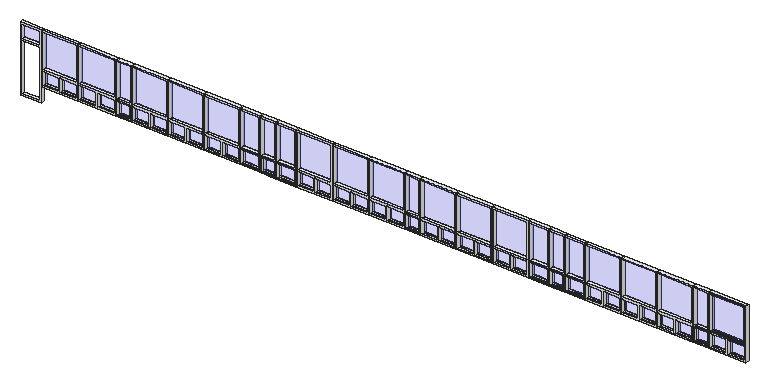
Revit family
Parameters
  창 두께 = 150 mm
  창 패널 = AW26 창 패널
  창 프레임 = AW26 창 프레임
  길이 4 = 길이 1 * 3  # 4500 mm
  길이 3 = 650 mm
  길이 2 = Height + 기본 씰 높이  # 2700 mm
  길이 1 = (Width - 10650 mm) / 13  # 1500 mm
  Height = 2100 mm
  절반 창 두께 = 창 두께 / 2  # 75 mm
  기본 씰 높이 = 600 mm
  Wall Closure = (empty or 0)
  Width = 30150 mm
Reference planes
  plane 1: y = 0
  plane 2 "왼쪽": x = -15075
  plane 3 "오른쪽": x = 15075
  plane 4 "씰": z = 600
  plane 5 "헤드": z = 2700
  plane 6 "외부": y = 100
  plane 7 "내부": y = -100
  plane 8: y = -75
  plane 9: y = 75
  plane 10: y = 66
  plane 11: y = 44
  plane 12: y = 35
  plane 13: x = 1550
  plane 14: z = 1200
  plane 15: z = 645
  plane 16: z = 1245
  plane 17: z = 1190
  plane 18: z = 655
  plane 19: z = 2655
  plane 20: z = 2100
  plane 21: z = 2055
Text (mm)
  text "외부" at (-1963.203, 1332.353, 0), in view "참조 레벨"
  text "내부" at (-1981.466, -818.386, 0), in view "참조 레벨"
  text "외부" at (0, 923.751, 2943.296), in view "오른쪽"
  text "외부" at (0, 1040.484, 2685.409), in view "왼쪽"
Dimensions and locks
  "Height": plane 4 "씰" to plane 5 "헤드"
  "기본 씰 높이": plane 4 "씰" to level
  locked: plane 6 "외부" to host wall at 0
  locked: plane 7 "내부" to host wall
  plane 9 to plane 10 to plane 11 to plane 12 = 9 mm locked, 22 mm locked, 9 mm locked
  locked: plane 4 "씰" to plane 14 at 600
  plane 4 "씰" to plane 15 to plane 18 = 45 mm locked, 10 mm locked
  plane 17 to plane 14 to plane 16 = 10 mm locked, 45 mm locked
  locked: plane 19 to plane 5 "헤드" at 45
  plane 21 to plane 20 to plane 5 "헤드" = 45 mm locked, 600 mm locked
  "절반 창 두께": plane 9 to host wall
  "절반 창 두께": host wall to plane 8
  "길이 4": nested 4 to nested 7
  locked: nested 6 to nested 15 at 2350
  "길이 4": nested 12 to nested 3
  locked: nested 20 to nested 12 at 2350
  locked: nested 23 to nested 22 at 2250
  plane 2 "왼쪽" to plane 13 to plane 3 "오른쪽" = 16625 mm, 13525 mm
  aligned and locked: plane 4 "씰" to nested 1  (x2)
  aligned and locked: plane 4 "씰" to nested 2  (x2)
  aligned and locked: nested 1 to nested 3
  aligned and locked: plane 4 "씰" to nested 3  (x2)
  aligned and locked: nested 1 to nested 4
  aligned and locked: nested 4 to nested 5
  aligned and locked: nested 5 to nested 6
  aligned and locked: nested 7 to nested 8
  aligned and locked: nested 8 to nested 9
  aligned and locked: nested 3 to nested 10
  aligned and locked: nested 10 to nested 11
  aligned and locked: nested 12 to nested 13
  aligned and locked: nested 13 to nested 14
  aligned and locked: nested 15 to nested 16
  aligned and locked: nested 16 to nested 17
  aligned and locked: nested 17 to nested 18
  aligned and locked: plane 4 "씰" to nested 19  (x2)
  aligned and locked: nested 19 to nested 18
  aligned and locked: nested 20 to nested 21
  aligned and locked: nested 21 to nested 22
  aligned and locked: nested 2 to nested 22
  aligned and locked: nested 24 to nested 23
  aligned and locked: plane 4 "씰" to nested 18
  aligned and locked: plane 4 "씰" to nested 17
  aligned and locked: plane 4 "씰" to nested 16
  aligned and locked: plane 4 "씰" to nested 15  (x2)
  aligned and locked: plane 4 "씰" to nested 9
  aligned and locked: plane 4 "씰" to nested 8
  aligned and locked: plane 4 "씰" to nested 7
  aligned and locked: plane 4 "씰" to nested 6
  aligned and locked: plane 4 "씰" to nested 5
  aligned and locked: plane 4 "씰" to nested 4
  aligned and locked: plane 4 "씰" to nested 10
  aligned and locked: plane 4 "씰" to nested 11
  aligned and locked: plane 4 "씰" to nested 12
  aligned and locked: plane 4 "씰" to nested 13
  aligned and locked: plane 4 "씰" to nested 14
  aligned and locked: plane 4 "씰" to nested 20
  aligned and locked: plane 4 "씰" to nested 21
  aligned and locked: plane 4 "씰" to nested 22
  aligned and locked: plane 4 "씰" to nested 23
  aligned and locked: nested 25 to nested 2
  aligned and locked: plane 4 "씰" to nested 25
  aligned and locked: nested 5 to nested 5
  aligned and locked: nested 6 to nested 6
Nested families
  nested 1: "창 고정 단위" at (1225, 0, 0), type "AW9_1_1"
  nested 2: "창 고정 단위" at (-10775, 0, 0), type "AW9_1"
  nested 3: "AW9 2" at (150, 0, 0), type "AW9"
  nested 4: "AW9 2" at (2300, 0, 0), type "AW9"
  nested 5: "AW9 2" at (3800, 0, 0), type "AW9"
  nested 6: "AW9 2" at (5300, 0, 0), type "AW9"
  nested 7: "창 고정 단위" at (6475, 0, 0), type "AW9_2"
  nested 8: "창 고정 단위" at (7225, 0, 0), type "AW9_1"
  nested 9: "창 고정 단위" at (7975, 0, 0), type "AW9_2"
  nested 10: "AW9 2" at (-1350, 0, 0), type "AW9"
  nested 11: "AW9 2" at (-2850, 0, 0), type "AW9"
  nested 12: "창 고정 단위" at (-4025, 0, 0), type "AW9_2"
  nested 13: "창 고정 단위" at (-4775, 0, 0), type "AW9_1"
  nested 14: "창 고정 단위" at (-5525, 0, 0), type "AW9_2"
  nested 15: "AW9 2" at (9150, 0, 0), type "AW9"
  nested 16: "AW9 2" at (10650, 0, 0), type "AW9"
  nested 17: "AW9 2" at (12150, 0, 0), type "AW9"
  nested 18: "창 고정 단위" at (13225, 0, 0), type "AW9_1"
  nested 19: "창 개구부 단위" at (14312.5, 0, 0), type "AW9"
  nested 20: "AW9 2" at (-6700, 0, 0), type "AW9"
  nested 21: "AW9 2" at (-8200, 0, 0), type "AW9"
  nested 22: "AW9 2" at (-9700, 0, 0), type "AW9"
  nested 23: "AW9 2" at (-13450, 0, 0), type "AW9"
  nested 24: "문 프레임" at (-14637.5, 0, 0), type "AW9-1"
  nested 25: "창 고정 단위 크게" at (-11900, 0, 0), type "AW9 2"
Definition of nested family "창 고정 단위"
  Parameters (values of type "AW9_1_1")
    창 두께 = 150 mm
    창 패널 = AW26 창 패널
    창 프레임 = AW26 창 프레임
    Height = 2100 mm
    절반 창 두께 = 창 두께 / 2  # 75 mm
    기본 씰 높이 = 600 mm
    Wall Closure = (empty or 0)
    Width = 650 mm
    Assembly Code = ""
  Types (4, lengths in mm): name | Width
    AW9_1_1 | 650
    AW9_3 | 800
    AW9_2 | 850
    AW9_1 | 650
  Reference planes
    plane 1: y = 0
    plane 2 "중심(왼쪽/오른쪽)": x = 0
    plane 3 "왼쪽": x = -325
    plane 4 "오른쪽": x = 325
    plane 5 "씰": z = 600
    plane 6 "헤드": z = 2700
    plane 7 "외부": y = 100
    plane 8 "내부": y = -100
    plane 9: y = 75
    plane 10: y = -75
    plane 11: y = 35
    plane 12: x = -280
    plane 13: x = 280
    plane 14: x = -270
    plane 15: x = 270
    plane 16: z = 1200
    plane 17: z = 1190
    plane 18: z = 1245
    plane 19: y = 55
    plane 20: y = 66
    plane 21: y = 44
    plane 22: y = -11
    plane 23: y = 11
    plane 24: x = -22.5
    plane 25: x = 22.5
    plane 26: x = -32.5
    plane 27: x = 32.5
    plane 28: z = 2655
    plane 29: z = 645
    plane 30: x = 230
    plane 31: z = 1150
    plane 32: x = -230
    plane 33: z = 685
    plane 34: x = 72.5
    plane 35: x = -72.5
    plane 36: x = 156.25
    plane 37: x = -156.25
    plane 38: z = 655
  Forms (mm)
    Extrusion 1, solid, material "AW26 창 프레임" <- "창 프레임"
      sketch origin (-2000, 75, 1000) x (-1, 0, 0) y (0, 0, 1)
        loop
          line (-2325, 1700) -> (-2325, -400) -> (-1675, -400) -> (-1675, 1700) -> (-2325, 1700)
        loop
          line (-2280, 1655) -> (-2280, 245) -> (-1720, 245) -> (-1720, 1655) -> (-2280, 1655)
        loop
          line (-2280, -355) -> (-1720, -355) -> (-1720, 200) -> (-2280, 200) -> (-2280, -355)
      from -150 to 0
    Extrusion 2, solid, material "AW26 창 패널" <- "창 패널"
      sketch origin (-2000, 75, 1000) x (-1, 0, 0) y (0, 0, 1)
        loop
          line (-2280, 1655) -> (-2280, 245) -> (-1720, 245) -> (-1720, 1655) -> (-2280, 1655)
        loop
          line (-2280, 200) -> (-2280, -355) -> (-1720, -355) -> (-1720, 200) -> (-2280, 200)
      from -31 to -9
    Extrusion 3, solid, material "AW26 창 프레임" <- "창 프레임"
      sketch origin (-2000, 75, 1000) x (-1, 0, 0) y (0, 0, 1)
        loop
          line (-2230, 150) -> (-2230, -315) -> (-1770, -315) -> (-1770, 150) -> (-2230, 150)
        loop
          line (-2280, 200) -> (-2280, -355) -> (-1720, -355) -> (-1720, 200) -> (-2280, 200)
      from -64 to 0
    Extrusion 4, solid, material "AW26 창 프레임" <- "창 프레임"
      sketch origin (-2000, 75, 1000) x (-1, 0, 0) y (0, 0, 1)
        loop
          line (-2280, 200) -> (-2280, -355) -> (-1720, -355) -> (-1720, 200) -> (-2280, 200)
        loop
          line (-2270, 190) -> (-2270, -345) -> (-1730, -345) -> (-1730, 190) -> (-2270, 190)
      from -64 to -150
  Lines and regions (mm)
    Opening 1
      outline origin (3500, -100, 0) x (1, 0, 0) y (0, 0, 1)
        loop
          line (-3175, 600) -> (-3175, 2700) -> (-3825, 2700) -> (-3825, 600) -> (-3175, 600)
    symbolic lines
      curve 1: line (-280, 75, 0) -> (-280, -75, 0)
      curve 2: line (280, 75, 0) -> (280, -75, 0)
      curve 3: line (-325, 75, 0) -> (325, 75, 0)
      curve 4: line (-280, 0, 0) -> (280, 0, 0)
      curve 5: line (-325, -75, 0) -> (325, -75, 0)
  Text (mm)
    text "외부" at (-1963.203, 1332.353, 0), in view "참조 레벨"
    text "내부" at (-1981.466, -818.386, 0), in view "참조 레벨"
    text "외부" at (0, 923.751, 2943.296), in view "오른쪽"
    text "외부" at (0, 1040.484, 2685.409), in view "왼쪽"
  Dimensions and locks
    equal spacing: plane 3 "왼쪽", plane 2 "중심(왼쪽/오른쪽)", plane 4 "오른쪽"
    "Width": plane 3 "왼쪽" to plane 4 "오른쪽"
    "Height": plane 5 "씰" to plane 6 "헤드"
    locked: plane 7 "외부" to host wall at 0
    locked: plane 8 "내부" to host wall
    plane 17 to plane 16 to plane 18 = 10 mm locked, 45 mm locked
    plane 9 to plane 19 to plane 11 = 20 mm locked, 20 mm locked
    plane 20 to plane 19 to plane 21 = 11 mm locked, 11 mm locked
    plane 23 to host wall to plane 22 = 11 mm locked, 11 mm locked
    plane 3 "왼쪽" to plane 12 to plane 14 = 45 mm locked, 10 mm locked
    plane 15 to plane 13 to plane 4 "오른쪽" = 10 mm locked, 45 mm locked
    plane 24 to plane 2 "중심(왼쪽/오른쪽)" to plane 25 = 22.5 mm locked, 22.5 mm locked
    locked: plane 26 to plane 24 at 10
    locked: plane 25 to plane 27 at 10
    locked: plane 5 "씰" to plane 16 at 600
    "절반 창 두께": plane 9 to plane 1
    "절반 창 두께": plane 10 to plane 1
    "기본 씰 높이": level to plane 5 "씰"
    locked: plane 28 to plane 6 "헤드" at 45
    locked: plane 5 "씰" to plane 29 at 45
    locked: plane 30 to plane 15 at 40
    locked: plane 31 to plane 17 at 40
    locked: plane 14 to plane 32 at 40
    locked: plane 29 to plane 33 at 40
    locked: plane 34 to plane 27 at 40
    locked: plane 26 to plane 35 at 40
    equal spacing: plane 27, plane 36, plane 13
    equal spacing: plane 26, plane 37, plane 12
    locked: plane 29 to plane 38 at 10
    aligned and locked: plane 6 "헤드" to Extrusion 1 sketch curve
    aligned and locked: plane 4 "오른쪽" to Extrusion 1 sketch curve
    aligned and locked: Extrusion 1 sketch curve to plane 5 "씰"
    aligned and locked: Extrusion 1 sketch curve to plane 3 "왼쪽"
    aligned and locked: Extrusion 1 sketch curve to plane 28
    aligned and locked: Extrusion 1 sketch curve to plane 12
    aligned and locked: plane 13 to Extrusion 1 sketch curve  (x3)
    aligned and locked: plane 18 to Extrusion 1 sketch curve
    aligned and locked: Extrusion 1 to plane 10
    aligned and locked: plane 9 to Extrusion 1
    aligned and locked: plane 12 to Extrusion 1 sketch curve  (x2)
    aligned and locked: Extrusion 1 sketch curve to plane 29
    aligned and locked: plane 13 to Extrusion 2 sketch curve  (x2)
    aligned and locked: Extrusion 2 sketch curve to plane 28
    aligned and locked: Extrusion 2 sketch curve to plane 12  (x2)
    aligned and locked: Extrusion 2 sketch curve to plane 18
    aligned and locked: plane 29 to Extrusion 2 sketch curve
    aligned and locked: Extrusion 2 to plane 21
    aligned and locked: plane 20 to Extrusion 2
    aligned and locked: plane 33 to Extrusion 3 sketch curve
    aligned and locked: Extrusion 3 sketch curve to plane 32
    aligned and locked: Extrusion 3 sketch curve to plane 31
    aligned and locked: Extrusion 3 sketch curve to plane 30
    aligned and locked: plane 16 to Extrusion 3 sketch curve
    aligned and locked: plane 13 to Extrusion 3 sketch curve
    aligned and locked: plane 29 to Extrusion 3 sketch curve
    aligned and locked: Extrusion 3 sketch curve to plane 12
    aligned and locked: plane 16 to Extrusion 1 sketch curve
    aligned and locked: plane 16 to Extrusion 2 sketch curve
    aligned and locked: Extrusion 3 to plane 23
    aligned and locked: plane 9 to Extrusion 3
    aligned and locked: plane 16 to Extrusion 4 sketch curve
    aligned and locked: plane 13 to Extrusion 4 sketch curve
    aligned and locked: plane 29 to Extrusion 4 sketch curve
    aligned and locked: Extrusion 4 sketch curve to plane 12
    aligned and locked: Extrusion 4 sketch curve to plane 14
    aligned and locked: plane 17 to Extrusion 4 sketch curve
    aligned and locked: plane 15 to Extrusion 4 sketch curve
    aligned and locked: plane 38 to Extrusion 4 sketch curve
    aligned and locked: Extrusion 4 to plane 23
    aligned and locked: Extrusion 4 to plane 10
    aligned and locked: plane 9 to curve 1
    aligned and locked: plane 10 to curve 1
    aligned and locked: plane 12 to curve 1
    aligned and locked: plane 13 to curve 2
    aligned and locked: plane 4 "오른쪽" to curve 3
    aligned and locked: plane 3 "왼쪽" to curve 3
    aligned and locked: plane 3 "왼쪽" to curve 5
    aligned and locked: plane 4 "오른쪽" to curve 5
    aligned and locked: plane 13 to curve 4
    aligned and locked: plane 12 to curve 4
    aligned and locked: host wall to curve 4
    aligned and locked: curve 3 to plane 9
    aligned and locked: curve 5 to plane 10
  Automatic sketch dimensions
    Opening 1 sketch curve to plane 3 "왼쪽" = 0 mm
    Opening 1 sketch curve to plane 4 "오른쪽" = 0 mm
    Opening 1 sketch curve to plane 5 "씰" = 0 mm
    Opening 1 sketch curve to plane 6 "헤드" = 0 mm
Definition of nested family "AW9 2"
  Parameters (values of type "AW9")
    창 두께 = 150 mm
    창 패널 = AW26 창 패널
    창 프레임 = AW26 창 프레임
    Height = 2100 mm
    절반 창 두께 = 창 두께 / 2  # 75 mm
    기본 씰 높이 = 600 mm
    Wall Closure = (empty or 0)
    Width = 1500 mm
    Assembly Code = ""
  Types (3, lengths in mm): name | Width
    AW9 | 1500
    AW9 2 | 1600
    AW9 1 | 4500
  Reference planes
    plane 1: y = 0
    plane 2 "중심(왼쪽/오른쪽)": x = 0
    plane 3 "왼쪽": x = -750
    plane 4 "오른쪽": x = 750
    plane 5 "씰": z = 600
    plane 6 "헤드": z = 2700
    plane 7 "외부": y = 100
    plane 8 "내부": y = -100
    plane 9: y = 75
    plane 10: y = -75
    plane 11: y = 35
    plane 12: x = -705
    plane 13: x = 705
    plane 14: x = -695
    plane 15: x = 695
    plane 16: z = 1200
    plane 17: z = 1190
    plane 18: z = 1245
    plane 19: y = 55
    plane 20: y = 66
    plane 21: y = 44
    plane 22: y = -11
    plane 23: y = 11
    plane 24: x = -22.5
    plane 25: x = 22.5
    plane 26: x = -32.5
    plane 27: x = 32.5
    plane 28: z = 2655
    plane 29: z = 645
    plane 30: x = 655
    plane 31: z = 1150
    plane 32: x = -655
    plane 33: z = 685
    plane 34: x = 72.5
    plane 35: x = -72.5
    plane 36: x = 368.75
    plane 37: x = -368.75
  Forms (mm)
    Extrusion 1, solid, material "AW26 창 프레임" <- "창 프레임"
      sketch origin (-2000, 75, 1000) x (-1, 0, 0) y (0, 0, 1)
        loop
          line (-2750, 1700) -> (-2750, -400) -> (-1250, -400) -> (-1250, 1700) -> (-2750, 1700)
        loop
          line (-2705, 1655) -> (-2705, 245) -> (-1295, 245) -> (-1295, 1655) -> (-2705, 1655)
        loop
          line (-2705, -355) -> (-2032.5, -355) -> (-2032.5, 190) -> (-2705, 190) -> (-2705, -355)
        loop
          line (-1295, -355) -> (-1295, 190) -> (-1967.5, 190) -> (-1967.5, -355) -> (-1295, -355)
      from -150 to 0
    Extrusion 2, solid, material "AW26 창 프레임" <- "창 프레임"
      sketch origin (-2000, 75, 1000) x (-1, 0, 0) y (0, 0, 1)
        loop
          line (-2705, 190) -> (-2705, -355) -> (-2032.5, -355) -> (-2032.5, 190) -> (-2705, 190)
        loop
          line (-1967.5, 190) -> (-1967.5, -355) -> (-1295, -355) -> (-1295, 190) -> (-1967.5, 190)
        loop
          line (-2655, 150) -> (-2655, -315) -> (-2072.5, -315) -> (-2072.5, 150) -> (-2655, 150)
        loop
          line (-1927.5, 150) -> (-1927.5, -315) -> (-1345, -315) -> (-1345, 150) -> (-1927.5, 150)
      from -40 to 0
    Extrusion 3, solid, material "AW26 창 패널" <- "창 패널"
      sketch origin (-2000, 75, 1000) x (-1, 0, 0) y (0, 0, 1)
        loop
          line (-2705, 1655) -> (-2705, 245) -> (-1295, 245) -> (-1295, 1655) -> (-2705, 1655)
        loop
          line (-2655, 150) -> (-2655, -315) -> (-2072.5, -315) -> (-2072.5, 150) -> (-2655, 150)
        loop
          line (-1927.5, 150) -> (-1927.5, -315) -> (-1345, -315) -> (-1345, 150) -> (-1927.5, 150)
      from -31 to -9
  Lines and regions (mm)
    Opening 1
      outline origin (3500, -100, 0) x (1, 0, 0) y (0, 0, 1)
        loop
          line (-2750, 600) -> (-2750, 2700) -> (-4250, 2700) -> (-4250, 600) -> (-2750, 600)
    symbolic lines
      curve 1: line (-705, 75, 0) -> (-705, -75, 0)
      curve 2: line (705, 75, 0) -> (705, -75, 0)
      curve 3: line (-750, 75, 0) -> (750, 75, 0)
      curve 4: line (-705, 0, 0) -> (705, 0, 0)
      curve 5: line (-750, -75, 0) -> (750, -75, 0)
  Text (mm)
    text "외부" at (-1963.203, 1332.353, 0), in view "참조 레벨"
    text "내부" at (-1981.466, -818.386, 0), in view "참조 레벨"
    text "외부" at (0, 923.751, 2943.296), in view "오른쪽"
    text "외부" at (0, 1040.484, 2685.409), in view "왼쪽"
  Dimensions and locks
    equal spacing: plane 3 "왼쪽", plane 2 "중심(왼쪽/오른쪽)", plane 4 "오른쪽"
    "Width": plane 3 "왼쪽" to plane 4 "오른쪽"
    "Height": plane 5 "씰" to plane 6 "헤드"
    locked: plane 7 "외부" to host wall at 0
    locked: plane 8 "내부" to host wall
    plane 17 to plane 16 to plane 18 = 10 mm locked, 45 mm locked
    plane 9 to plane 19 to plane 11 = 20 mm locked, 20 mm locked
    plane 20 to plane 19 to plane 21 = 11 mm locked, 11 mm locked
    plane 23 to host wall to plane 22 = 11 mm locked, 11 mm locked
    plane 3 "왼쪽" to plane 12 to plane 14 = 45 mm locked, 10 mm locked
    plane 15 to plane 13 to plane 4 "오른쪽" = 10 mm locked, 45 mm locked
    plane 24 to plane 2 "중심(왼쪽/오른쪽)" to plane 25 = 22.5 mm locked, 22.5 mm locked
    locked: plane 26 to plane 24 at 10
    locked: plane 25 to plane 27 at 10
    locked: plane 5 "씰" to plane 16 at 600
    "절반 창 두께": plane 9 to plane 1
    "절반 창 두께": plane 10 to plane 1
    "기본 씰 높이": level to plane 5 "씰"
    locked: plane 28 to plane 6 "헤드" at 45
    locked: plane 5 "씰" to plane 29 at 45
    locked: plane 30 to plane 15 at 40
    locked: plane 31 to plane 17 at 40
    locked: plane 14 to plane 32 at 40
    locked: plane 29 to plane 33 at 40
    locked: plane 34 to plane 27 at 40
    locked: plane 26 to plane 35 at 40
    equal spacing: plane 27, plane 36, plane 13
    equal spacing: plane 26, plane 37, plane 12
    aligned and locked: plane 6 "헤드" to Extrusion 1 sketch curve
    aligned and locked: plane 4 "오른쪽" to Extrusion 1 sketch curve
    aligned and locked: Extrusion 1 sketch curve to plane 5 "씰"
    aligned and locked: Extrusion 1 sketch curve to plane 3 "왼쪽"
    aligned and locked: Extrusion 1 sketch curve to plane 28
    aligned and locked: plane 13 to Extrusion 1 sketch curve  (x2)
    aligned and locked: plane 29 to Extrusion 1 sketch curve  (x2)
    aligned and locked: Extrusion 1 sketch curve to plane 12
    aligned and locked: plane 18 to Extrusion 1 sketch curve
    aligned and locked: plane 12 to Extrusion 1 sketch curve
    aligned and locked: plane 17 to Extrusion 1 sketch curve  (x2)
    aligned and locked: plane 27 to Extrusion 1 sketch curve
    aligned and locked: plane 26 to Extrusion 1 sketch curve
    aligned and locked: Extrusion 1 to plane 10
    aligned and locked: plane 9 to Extrusion 1
    aligned and locked: plane 17 to Extrusion 2 sketch curve  (x2)
    aligned and locked: plane 13 to Extrusion 2 sketch curve
    aligned and locked: plane 29 to Extrusion 2 sketch curve  (x2)
    aligned and locked: plane 27 to Extrusion 2 sketch curve
    aligned and locked: Extrusion 2 sketch curve to plane 31  (x2)
    aligned and locked: Extrusion 2 sketch curve to plane 30
    aligned and locked: plane 33 to Extrusion 2 sketch curve  (x2)
    aligned and locked: Extrusion 2 sketch curve to plane 34
    aligned and locked: Extrusion 2 sketch curve to plane 26
    aligned and locked: Extrusion 2 sketch curve to plane 12
    aligned and locked: Extrusion 2 sketch curve to plane 35
    aligned and locked: Extrusion 2 sketch curve to plane 32
    aligned and locked: Extrusion 2 to plane 9
    aligned and locked: Extrusion 2 to plane 11
    aligned and locked: Extrusion 3 sketch curve to plane 28
    aligned and locked: plane 13 to Extrusion 3 sketch curve
    aligned and locked: Extrusion 3 sketch curve to plane 18
    aligned and locked: Extrusion 3 sketch curve to plane 12
    aligned and locked: Extrusion 3 sketch curve to plane 31  (x2)
    aligned and locked: Extrusion 3 sketch curve to plane 30
    aligned and locked: plane 33 to Extrusion 3 sketch curve  (x2)
    aligned and locked: Extrusion 3 sketch curve to plane 34
    aligned and locked: Extrusion 3 sketch curve to plane 35
    aligned and locked: Extrusion 3 sketch curve to plane 32
    aligned and locked: Extrusion 3 to plane 21
    aligned and locked: plane 20 to Extrusion 3
    aligned and locked: plane 13 to curve 2
    aligned and locked: plane 9 to curve 1
    aligned and locked: plane 10 to curve 1
    aligned and locked: plane 12 to curve 1
    aligned and locked: plane 3 "왼쪽" to curve 3
    aligned and locked: plane 3 "왼쪽" to curve 5
    aligned and locked: plane 12 to curve 4
    aligned and locked: plane 4 "오른쪽" to curve 3
    aligned and locked: plane 4 "오른쪽" to curve 5
    aligned and locked: plane 13 to curve 4
    aligned and locked: curve 5 to plane 10
    aligned and locked: curve 3 to plane 9
    aligned and locked: host wall to curve 4
  Automatic sketch dimensions
    Opening 1 sketch curve to plane 3 "왼쪽" = 0 mm
    Opening 1 sketch curve to plane 4 "오른쪽" = 0 mm
    Opening 1 sketch curve to plane 5 "씰" = 0 mm
    Opening 1 sketch curve to plane 6 "헤드" = 0 mm
    Extrusion 1 sketch curve to plane 17 = 0 mm
    Extrusion 1 sketch curve to plane 29 = 0 mm
Definition of nested family "창 개구부 단위"
  Parameters (values of type "AW9")
    창 두께 = 150 mm
    창 패널 = AW26 창 패널
    창 프레임 = AW26 창 프레임
    Height = 2100 mm
    절반 창 두께 = 창 두께 / 2  # 75 mm
    기본 씰 높이 = 600 mm
    Wall Closure = (empty or 0)
    Width = 1525 mm
    Assembly Code = ""
  Reference planes
    plane 1: y = 0
    plane 2 "중심(왼쪽/오른쪽)": x = 0
    plane 3 "왼쪽": x = -762.5
    plane 4 "오른쪽": x = 762.5
    plane 5 "씰": z = 600
    plane 6 "헤드": z = 2700
    plane 7 "외부": y = 100
    plane 8 "내부": y = -100
    plane 9: y = 75
    plane 10: y = -75
    plane 11: y = 35
    plane 12: x = -717.5
    plane 13: x = 717.5
    plane 14: x = -707.5
    plane 15: x = 707.5
    plane 16: z = 1200
    plane 17: z = 1190
    plane 18: z = 1245
    plane 19: y = 55
    plane 20: y = 66
    plane 21: y = 44
    plane 22: y = -11
    plane 23: y = 11
    plane 24: x = -22.5
    plane 25: x = 22.5
    plane 26: x = -32.5
    plane 27: x = 32.5
    plane 28: z = 2655
    plane 29: z = 645
    plane 30: x = 667.5
    plane 31: z = 1150
    plane 32: x = -667.5
    plane 33: z = 685
    plane 34: x = 72.5
    plane 35: x = -72.5
    plane 36: x = 375
    plane 37: x = -375
    plane 38: z = 2615
    plane 39: z = 1285
    plane 40: x = -677.5
    plane 41: x = 677.5
    plane 42: z = 2645
    plane 43: z = 1255
    plane 44: z = 1950
  Forms (mm)
    Extrusion 1, solid, material "AW26 창 프레임" <- "창 프레임"
      sketch origin (-2000, 75, 1000) x (-1, 0, 0) y (0, 0, 1)
        loop
          line (-2762.5, 1700) -> (-2762.5, -400) -> (-1237.5, -400) -> (-1237.5, 1700) -> (-2762.5, 1700)
        loop
          line (-2717.5, 1655) -> (-2717.5, 245) -> (-1282.5, 245) -> (-1282.5, 1655) -> (-2717.5, 1655)
        loop
          line (-2717.5, -355) -> (-2032.5, -355) -> (-2032.5, 190) -> (-2717.5, 190) -> (-2717.5, -355)
        loop
          line (-1282.5, -355) -> (-1282.5, 190) -> (-1967.5, 190) -> (-1967.5, -355) -> (-1282.5, -355)
      from -150 to 0
    Extrusion 2, solid, material "AW26 창 프레임" <- "창 프레임"
      sketch origin (-2000, 75, 1000) x (-1, 0, 0) y (0, 0, 1)
        loop
          line (-2717.5, 190) -> (-2717.5, -355) -> (-2032.5, -355) -> (-2032.5, 190) -> (-2717.5, 190)
        loop
          line (-1967.5, 190) -> (-1967.5, -355) -> (-1282.5, -355) -> (-1282.5, 190) -> (-1967.5, 190)
        loop
          line (-2667.5, 150) -> (-2667.5, -315) -> (-2072.5, -315) -> (-2072.5, 150) -> (-2667.5, 150)
        loop
          line (-1927.5, 150) -> (-1927.5, -315) -> (-1332.5, -315) -> (-1332.5, 150) -> (-1927.5, 150)
      from -40 to 0
    Extrusion 3, solid, material "AW26 창 패널" <- "창 패널"
      sketch origin (-2000, 75, 1000) x (-1, 0, 0) y (0, 0, 1)
        loop
          line (-2717.5, 1655) -> (-2717.5, 245) -> (-1282.5, 245) -> (-1282.5, 1655) -> (-2717.5, 1655)
        loop
          line (-2667.5, 150) -> (-2667.5, -315) -> (-2072.5, -315) -> (-2072.5, 150) -> (-2667.5, 150)
        loop
          line (-1927.5, 150) -> (-1927.5, -315) -> (-1332.5, -315) -> (-1332.5, 150) -> (-1927.5, 150)
      from -31 to -9
    Extrusion 4, solid, material "AW26 창 프레임" <- "창 프레임"
      sketch origin (-2000, 75, 1000) x (-1, 0, 0) y (0, 0, 1)
        loop
          line (-2717.5, 1655) -> (-2717.5, 245) -> (-1282.5, 245) -> (-1282.5, 1655) -> (-2717.5, 1655)
        loop
          line (-2677.5, 1615) -> (-2677.5, 285) -> (-1322.5, 285) -> (-1322.5, 1615) -> (-2677.5, 1615)
      from -64 to -9
    Extrusion 5, solid, material "AW26 창 프레임" <- "창 프레임"
      sketch origin (-2000, 75, 1000) x (-1, 0, 0) y (0, 0, 1)
        loop
          line (-2717.5, 1655) -> (-2717.5, 245) -> (-1282.5, 245) -> (-1282.5, 1655) -> (-2717.5, 1655)
        loop
          line (-2707.5, 1645) -> (-2707.5, 255) -> (-1292.5, 255) -> (-1292.5, 1645) -> (-2707.5, 1645)
      from -40 to -150
  Lines and regions (mm)
    Opening 1
      outline origin (3500, -100, 0) x (1, 0, 0) y (0, 0, 1)
        loop
          line (-2737.5, 600) -> (-2737.5, 2700) -> (-4262.5, 2700) -> (-4262.5, 600) -> (-2737.5, 600)
    symbolic lines
      curve 1: line (-717.5, 75, 0) -> (-717.5, -75, 0)
      curve 2: line (717.5, 75, 0) -> (717.5, -75, 0)
      curve 3: line (-762.5, 75, 0) -> (762.5, 75, 0)
      curve 4: line (-717.5, 0, 0) -> (717.5, 0, 0)
      curve 5: line (-762.5, -75, 0) -> (762.5, -75, 0)
  Text (mm)
    text "외부" at (-1963.203, 1332.353, 0), in view "참조 레벨"
    text "내부" at (-1981.466, -818.386, 0), in view "참조 레벨"
    text "외부" at (0, 923.751, 2943.296), in view "오른쪽"
    text "외부" at (0, 1040.484, 2685.409), in view "왼쪽"
  Dimensions and locks
    equal spacing: plane 3 "왼쪽", plane 2 "중심(왼쪽/오른쪽)", plane 4 "오른쪽"
    "Width": plane 3 "왼쪽" to plane 4 "오른쪽"
    "Height": plane 5 "씰" to plane 6 "헤드"
    locked: plane 7 "외부" to host wall at 0
    locked: plane 8 "내부" to host wall
    plane 17 to plane 16 to plane 18 = 10 mm locked, 45 mm locked
    plane 9 to plane 19 to plane 11 = 20 mm locked, 20 mm locked
    plane 20 to plane 19 to plane 21 = 11 mm locked, 11 mm locked
    plane 23 to host wall to plane 22 = 11 mm locked, 11 mm locked
    plane 3 "왼쪽" to plane 12 to plane 14 = 45 mm locked, 10 mm locked
    plane 15 to plane 13 to plane 4 "오른쪽" = 10 mm locked, 45 mm locked
    plane 24 to plane 2 "중심(왼쪽/오른쪽)" to plane 25 = 22.5 mm locked, 22.5 mm locked
    locked: plane 26 to plane 24 at 10
    locked: plane 25 to plane 27 at 10
    locked: plane 5 "씰" to plane 16 at 600
    "절반 창 두께": plane 9 to plane 1
    "절반 창 두께": plane 10 to plane 1
    "기본 씰 높이": level to plane 5 "씰"
    locked: plane 28 to plane 6 "헤드" at 45
    locked: plane 5 "씰" to plane 29 at 45
    locked: plane 30 to plane 15 at 40
    locked: plane 31 to plane 17 at 40
    locked: plane 14 to plane 32 at 40
    locked: plane 29 to plane 33 at 40
    locked: plane 34 to plane 27 at 40
    locked: plane 26 to plane 35 at 40
    equal spacing: plane 27, plane 36, plane 13
    equal spacing: plane 26, plane 37, plane 12
    locked: plane 38 to plane 28 at 40
    locked: plane 18 to plane 39 at 40
    locked: plane 41 to plane 13 at 40
    locked: plane 12 to plane 40 at 40
    locked: plane 42 to plane 28 at 10
    locked: plane 18 to plane 43 at 10
    equal spacing: plane 18, plane 44, plane 28
    aligned and locked: plane 6 "헤드" to Extrusion 1 sketch curve
    aligned and locked: plane 4 "오른쪽" to Extrusion 1 sketch curve
    aligned and locked: Extrusion 1 sketch curve to plane 5 "씰"
    aligned and locked: Extrusion 1 sketch curve to plane 3 "왼쪽"
    aligned and locked: Extrusion 1 sketch curve to plane 28
    aligned and locked: plane 13 to Extrusion 1 sketch curve  (x2)
    aligned and locked: plane 29 to Extrusion 1 sketch curve  (x2)
    aligned and locked: Extrusion 1 sketch curve to plane 12
    aligned and locked: plane 18 to Extrusion 1 sketch curve
    aligned and locked: plane 12 to Extrusion 1 sketch curve
    aligned and locked: plane 17 to Extrusion 1 sketch curve  (x2)
    aligned and locked: plane 27 to Extrusion 1 sketch curve
    aligned and locked: plane 26 to Extrusion 1 sketch curve
    aligned and locked: Extrusion 1 to plane 10
    aligned and locked: plane 9 to Extrusion 1
    aligned and locked: plane 17 to Extrusion 2 sketch curve  (x2)
    aligned and locked: plane 13 to Extrusion 2 sketch curve
    aligned and locked: plane 29 to Extrusion 2 sketch curve  (x2)
    aligned and locked: plane 27 to Extrusion 2 sketch curve
    aligned and locked: Extrusion 2 sketch curve to plane 31  (x2)
    aligned and locked: Extrusion 2 sketch curve to plane 30
    aligned and locked: plane 33 to Extrusion 2 sketch curve  (x2)
    aligned and locked: Extrusion 2 sketch curve to plane 34
    aligned and locked: Extrusion 2 sketch curve to plane 26
    aligned and locked: Extrusion 2 sketch curve to plane 12
    aligned and locked: Extrusion 2 sketch curve to plane 35
    aligned and locked: Extrusion 2 sketch curve to plane 32
    aligned and locked: Extrusion 2 to plane 9
    aligned and locked: Extrusion 2 to plane 11
    aligned and locked: Extrusion 3 sketch curve to plane 28
    aligned and locked: plane 13 to Extrusion 3 sketch curve
    aligned and locked: Extrusion 3 sketch curve to plane 18
    aligned and locked: Extrusion 3 sketch curve to plane 12
    aligned and locked: Extrusion 3 sketch curve to plane 31  (x2)
    aligned and locked: Extrusion 3 sketch curve to plane 30
    aligned and locked: plane 33 to Extrusion 3 sketch curve  (x2)
    aligned and locked: Extrusion 3 sketch curve to plane 34
    aligned and locked: Extrusion 3 sketch curve to plane 35
    aligned and locked: Extrusion 3 sketch curve to plane 32
    aligned and locked: Extrusion 3 to plane 21
    aligned and locked: plane 20 to Extrusion 3
    aligned and locked: Extrusion 4 sketch curve to plane 28
    aligned and locked: plane 13 to Extrusion 4 sketch curve
    aligned and locked: Extrusion 4 sketch curve to plane 18
    aligned and locked: Extrusion 4 sketch curve to plane 12
    aligned and locked: Extrusion 4 sketch curve to plane 38
    aligned and locked: Extrusion 4 sketch curve to plane 41
    aligned and locked: plane 39 to Extrusion 4 sketch curve
    aligned and locked: Extrusion 4 sketch curve to plane 40
    aligned and locked: Extrusion 4 to plane 23
    aligned and locked: plane 20 to Extrusion 4
    aligned and locked: Extrusion 5 sketch curve to plane 28
    aligned and locked: plane 13 to Extrusion 5 sketch curve
    aligned and locked: Extrusion 5 sketch curve to plane 18
    aligned and locked: Extrusion 5 sketch curve to plane 12
    aligned and locked: Extrusion 5 sketch curve to plane 42
    aligned and locked: plane 15 to Extrusion 5 sketch curve
    aligned and locked: plane 43 to Extrusion 5 sketch curve
    aligned and locked: Extrusion 5 sketch curve to plane 14
    aligned and locked: Extrusion 5 to plane 11
    aligned and locked: Extrusion 5 to plane 10
    aligned and locked: plane 4 "오른쪽" to curve 3
    aligned and locked: plane 4 "오른쪽" to curve 5
    aligned and locked: plane 3 "왼쪽" to curve 3
    aligned and locked: plane 3 "왼쪽" to curve 5
    aligned and locked: plane 12 to curve 4
    aligned and locked: plane 13 to curve 4
    aligned and locked: plane 13 to curve 2
    aligned and locked: plane 9 to curve 1
    aligned and locked: plane 10 to curve 1
    aligned and locked: plane 12 to curve 1
    aligned and locked: curve 3 to plane 9
    aligned and locked: curve 5 to plane 10
    aligned and locked: host wall to curve 4
  Automatic sketch dimensions
    Opening 1 sketch curve to plane 3 "왼쪽" = 0 mm
    Opening 1 sketch curve to plane 4 "오른쪽" = 0 mm
    Opening 1 sketch curve to plane 5 "씰" = 0 mm
    Opening 1 sketch curve to plane 6 "헤드" = 0 mm
    Extrusion 1 sketch curve to plane 17 = 0 mm
    Extrusion 1 sketch curve to plane 29 = 0 mm
Definition of nested family "문 프레임"
  Parameters (values of type "AW9-1")
    창 두께 = 150 mm
    창 패널 = AW26 창 패널
    창 프레임 = AW26 창 프레임
    Height = 2700 mm
    절반 창 두께 = 창 두께 / 2  # 75 mm
    기본 씰 높이 = 0 mm
    Wall Closure = (empty or 0)
    Width = 875 mm
    Assembly Code = ""
  Reference planes
    plane 1: y = 0
    plane 2 "중심(왼쪽/오른쪽)": x = 0
    plane 3 "왼쪽": x = -437.5
    plane 4 "오른쪽": x = 437.5
    plane 5 "씰": z = 0
    plane 6 "헤드": z = 2700
    plane 7 "외부": y = 100
    plane 8 "내부": y = -100
    plane 9: y = 75
    plane 10: y = -75
    plane 11: y = 35
    plane 12: x = -392.5
    plane 13: x = 392.5
    plane 14: x = -382.5
    plane 15: x = 382.5
    plane 16: z = 2055
    plane 17: z = 2045
    plane 18: z = 2100
    plane 19: y = 55
    plane 20: y = 66
    plane 21: y = 44
    plane 22: y = -11
    plane 23: y = 11
    plane 24: x = -22.5
    plane 25: x = 22.5
    plane 26: x = -32.5
    plane 27: x = 32.5
    plane 28: z = 2655
    plane 29: z = 45
    plane 30: x = 342.5
    plane 31: z = 2005
    plane 32: x = -342.5
    plane 33: z = 85
    plane 34: x = 72.5
    plane 35: x = -72.5
  Forms (mm)
    Extrusion 1, solid, material "AW26 창 프레임" <- "창 프레임"
      sketch origin (-2000, 75, 1000) x (-1, 0, 0) y (0, 0, 1)
        loop
          line (-2437.5, 1700) -> (-2437.5, -1000) -> (-1562.5, -1000) -> (-1562.5, 1700) -> (-2437.5, 1700)
        loop
          line (-2392.5, 1655) -> (-2392.5, 1100) -> (-1607.5, 1100) -> (-1607.5, 1655) -> (-2392.5, 1655)
        loop
          line (-2392.5, -955) -> (-1607.5, -955) -> (-1607.5, 1055) -> (-2392.5, 1055) -> (-2392.5, -955)
      from -150 to 0
    Extrusion 2, solid, material "AW26 창 패널" <- "창 패널"
      sketch origin (-2000, 75, 1000) x (-1, 0, 0) y (0, 0, 1)
        loop
          line (-2392.5, 1655) -> (-2392.5, 1100) -> (-1607.5, 1100) -> (-1607.5, 1655) -> (-2392.5, 1655)
      from -40 to -9
  Lines and regions (mm)
    Opening 1
      outline origin (3500, -100, 0) x (1, 0, 0) y (0, 0, 1)
        loop
          line (-3062.5, 0) -> (-3062.5, 2700) -> (-3937.5, 2700) -> (-3937.5, 0) -> (-3062.5, 0)
    symbolic lines
      curve 1: line (-437.5, 100, 0) -> (-437.5, -100, 0)
      curve 2: line (437.5, 100, 0) -> (437.5, -100, 0)
      curve 3: line (-437.5, 75, 0) -> (437.5, 75, 0)
      curve 4: line (-437.5, -75, 0) -> (437.5, -75, 0)
  Text (mm)
    text "외부" at (-1963.203, 1332.353, 0), in view "참조 레벨"
    text "내부" at (-1981.466, -818.386, 0), in view "참조 레벨"
    text "외부" at (0, 923.751, 2943.296), in view "오른쪽"
    text "외부" at (0, 1040.484, 2685.409), in view "왼쪽"
  Dimensions and locks
    equal spacing: plane 3 "왼쪽", plane 2 "중심(왼쪽/오른쪽)", plane 4 "오른쪽"
    "Width": plane 3 "왼쪽" to plane 4 "오른쪽"
    "Height": plane 5 "씰" to plane 6 "헤드"
    locked: plane 7 "외부" to host wall at 0
    locked: plane 8 "내부" to host wall
    plane 17 to plane 16 to plane 18 = 10 mm locked, 45 mm locked
    plane 9 to plane 19 to plane 11 = 20 mm locked, 20 mm locked
    plane 20 to plane 19 to plane 21 = 11 mm locked, 11 mm locked
    plane 23 to host wall to plane 22 = 11 mm locked, 11 mm locked
    plane 3 "왼쪽" to plane 12 to plane 14 = 45 mm locked, 10 mm locked
    plane 15 to plane 13 to plane 4 "오른쪽" = 10 mm locked, 45 mm locked
    plane 24 to plane 2 "중심(왼쪽/오른쪽)" to plane 25 = 22.5 mm locked, 22.5 mm locked
    locked: plane 26 to plane 24 at 10
    locked: plane 25 to plane 27 at 10
    "절반 창 두께": plane 9 to plane 1
    "절반 창 두께": plane 10 to plane 1
    "기본 씰 높이": level to plane 5 "씰"
    locked: plane 28 to plane 6 "헤드" at 45
    locked: plane 5 "씰" to plane 29 at 45
    locked: plane 30 to plane 15 at 40
    locked: plane 31 to plane 17 at 40
    locked: plane 14 to plane 32 at 40
    locked: plane 29 to plane 33 at 40
    locked: plane 34 to plane 27 at 40
    locked: plane 26 to plane 35 at 40
    plane 18 to plane 6 "헤드" = 600 mm
    aligned and locked: plane 6 "헤드" to Extrusion 1 sketch curve
    aligned and locked: plane 4 "오른쪽" to Extrusion 1 sketch curve
    aligned and locked: Extrusion 1 sketch curve to plane 5 "씰"
    aligned and locked: Extrusion 1 sketch curve to plane 3 "왼쪽"
    aligned and locked: Extrusion 1 sketch curve to plane 28
    aligned and locked: plane 13 to Extrusion 1 sketch curve  (x3)
    aligned and locked: Extrusion 1 sketch curve to plane 12
    aligned and locked: plane 18 to Extrusion 1 sketch curve
    aligned and locked: Extrusion 1 to plane 10
    aligned and locked: plane 9 to Extrusion 1
    aligned and locked: plane 12 to Extrusion 1 sketch curve  (x2)
    aligned and locked: Extrusion 1 sketch curve to plane 29
    aligned and locked: plane 16 to Extrusion 1 sketch curve
    aligned and locked: Extrusion 2 sketch curve to plane 28
    aligned and locked: plane 13 to Extrusion 2 sketch curve
    aligned and locked: Extrusion 2 sketch curve to plane 18
    aligned and locked: Extrusion 2 sketch curve to plane 12
    aligned and locked: Extrusion 2 to plane 11
    aligned and locked: plane 20 to Extrusion 2
    aligned and locked: plane 7 "외부" to curve 1
    aligned and locked: plane 8 "내부" to curve 1
    aligned and locked: plane 3 "왼쪽" to curve 1
    aligned and locked: plane 7 "외부" to curve 2
    aligned and locked: plane 8 "내부" to curve 2
    aligned and locked: plane 4 "오른쪽" to curve 2
    aligned and locked: plane 4 "오른쪽" to curve 3
    aligned and locked: plane 3 "왼쪽" to curve 3
    aligned and locked: curve 3 to plane 9
    aligned and locked: curve 4 to plane 10
  Automatic sketch dimensions
    Opening 1 sketch curve to plane 3 "왼쪽" = 0 mm
    Opening 1 sketch curve to plane 4 "오른쪽" = 0 mm
    Opening 1 sketch curve to plane 5 "씰" = 0 mm
    Opening 1 sketch curve to plane 6 "헤드" = 0 mm
Definition of nested family "창 고정 단위 크게"
  Parameters (values of type "AW9 2")
    창 두께 = 150 mm
    창 패널 = AW26 창 패널
    창 프레임 = AW26 창 프레임
    Height = 2100 mm
    절반 창 두께 = 창 두께 / 2  # 75 mm
    기본 씰 높이 = 600 mm
    Wall Closure = (empty or 0)
    Width = 1600 mm
    Assembly Code = ""
  Reference planes
    plane 1: y = 0
    plane 2 "중심(왼쪽/오른쪽)": x = 0
    plane 3 "왼쪽": x = -800
    plane 4 "오른쪽": x = 800
    plane 5 "씰": z = 600
    plane 6 "헤드": z = 2700
    plane 7 "외부": y = 100
    plane 8 "내부": y = -100
    plane 9: y = 75
    plane 10: y = -75
    plane 11: y = 35
    plane 12: x = -755
    plane 13: x = 755
    plane 14: x = -745
    plane 15: x = 745
    plane 16: z = 1200
    plane 17: z = 1190
    plane 18: z = 1245
    plane 19: y = 55
    plane 20: y = 66
    plane 21: y = 44
    plane 22: y = -11
    plane 23: y = 11
    plane 24: x = -22.5
    plane 25: x = 22.5
    plane 26: x = -32.5
    plane 27: x = 32.5
    plane 28: z = 2655
    plane 29: z = 645
    plane 30: x = 705
    plane 31: z = 1150
    plane 32: x = -705
    plane 33: z = 685
    plane 34: x = 72.5
    plane 35: x = -72.5
    plane 36: x = 393.75
    plane 37: x = -393.75
  Forms (mm)
    Extrusion 1, solid, material "AW26 창 프레임" <- "창 프레임"
      sketch origin (-2000, 75, 1000) x (-1, 0, 0) y (0, 0, 1)
        loop
          line (-2800, 1700) -> (-2800, -400) -> (-1200, -400) -> (-1200, 1700) -> (-2800, 1700)
        loop
          line (-2755, 1655) -> (-2755, 245) -> (-1245, 245) -> (-1245, 1655) -> (-2755, 1655)
        loop
          line (-2755, -355) -> (-2032.5, -355) -> (-2032.5, 190) -> (-2755, 190) -> (-2755, -355)
        loop
          line (-1245, -355) -> (-1245, 190) -> (-1967.5, 190) -> (-1967.5, -355) -> (-1245, -355)
      from -150 to 0
    Extrusion 2, solid, material "AW26 창 프레임" <- "창 프레임"
      sketch origin (-2000, 75, 1000) x (-1, 0, 0) y (0, 0, 1)
        loop
          line (-2755, 190) -> (-2755, -355) -> (-2032.5, -355) -> (-2032.5, 190) -> (-2755, 190)
        loop
          line (-1967.5, 190) -> (-1967.5, -355) -> (-1245, -355) -> (-1245, 190) -> (-1967.5, 190)
        loop
          line (-2705, 150) -> (-2705, -315) -> (-2072.5, -315) -> (-2072.5, 150) -> (-2705, 150)
        loop
          line (-1927.5, 150) -> (-1927.5, -315) -> (-1295, -315) -> (-1295, 150) -> (-1927.5, 150)
      from -40 to 0
    Extrusion 3, solid, material "AW26 창 패널" <- "창 패널"
      sketch origin (-2000, 75, 1000) x (-1, 0, 0) y (0, 0, 1)
        loop
          line (-2755, 1655) -> (-2755, 245) -> (-1245, 245) -> (-1245, 1655) -> (-2755, 1655)
        loop
          line (-2705, 150) -> (-2705, -315) -> (-2072.5, -315) -> (-2072.5, 150) -> (-2705, 150)
        loop
          line (-1927.5, 150) -> (-1927.5, -315) -> (-1295, -315) -> (-1295, 150) -> (-1927.5, 150)
      from -31 to -9
  Lines and regions (mm)
    Opening 1
      outline origin (3500, -100, 0) x (1, 0, 0) y (0, 0, 1)
        loop
          line (-2700, 600) -> (-2700, 2700) -> (-4300, 2700) -> (-4300, 600) -> (-2700, 600)
    symbolic lines
      curve 1: line (-755, 75, 0) -> (-755, -75, 0)
      curve 2: line (755, 75, 0) -> (755, -75, 0)
      curve 3: line (-755, 0, 0) -> (755, 0, 0)
      curve 4: line (-800, -75, 0) -> (800, -75, 0)
      curve 5: line (-800, 75, 0) -> (800, 75, 0)
  Text (mm)
    text "외부" at (-1963.203, 1332.353, 0), in view "참조 레벨"
    text "내부" at (-1981.466, -818.386, 0), in view "참조 레벨"
    text "외부" at (0, 923.751, 2943.296), in view "오른쪽"
    text "외부" at (0, 1040.484, 2685.409), in view "왼쪽"
  Dimensions and locks
    equal spacing: plane 3 "왼쪽", plane 2 "중심(왼쪽/오른쪽)", plane 4 "오른쪽"
    "Width": plane 3 "왼쪽" to plane 4 "오른쪽"
    "Height": plane 5 "씰" to plane 6 "헤드"
    locked: plane 7 "외부" to host wall at 0
    locked: plane 8 "내부" to host wall
    plane 17 to plane 16 to plane 18 = 10 mm locked, 45 mm locked
    plane 9 to plane 19 to plane 11 = 20 mm locked, 20 mm locked
    plane 20 to plane 19 to plane 21 = 11 mm locked, 11 mm locked
    plane 23 to host wall to plane 22 = 11 mm locked, 11 mm locked
    plane 3 "왼쪽" to plane 12 to plane 14 = 45 mm locked, 10 mm locked
    plane 15 to plane 13 to plane 4 "오른쪽" = 10 mm locked, 45 mm locked
    plane 24 to plane 2 "중심(왼쪽/오른쪽)" to plane 25 = 22.5 mm locked, 22.5 mm locked
    locked: plane 26 to plane 24 at 10
    locked: plane 25 to plane 27 at 10
    locked: plane 5 "씰" to plane 16 at 600
    "절반 창 두께": plane 9 to plane 1
    "절반 창 두께": plane 10 to plane 1
    "기본 씰 높이": level to plane 5 "씰"
    locked: plane 28 to plane 6 "헤드" at 45
    locked: plane 5 "씰" to plane 29 at 45
    locked: plane 30 to plane 15 at 40
    locked: plane 31 to plane 17 at 40
    locked: plane 14 to plane 32 at 40
    locked: plane 29 to plane 33 at 40
    locked: plane 34 to plane 27 at 40
    locked: plane 26 to plane 35 at 40
    equal spacing: plane 27, plane 36, plane 13
    equal spacing: plane 26, plane 37, plane 12
    aligned and locked: plane 6 "헤드" to Extrusion 1 sketch curve
    aligned and locked: plane 4 "오른쪽" to Extrusion 1 sketch curve
    aligned and locked: Extrusion 1 sketch curve to plane 5 "씰"
    aligned and locked: Extrusion 1 sketch curve to plane 3 "왼쪽"
    aligned and locked: Extrusion 1 sketch curve to plane 28
    aligned and locked: plane 13 to Extrusion 1 sketch curve  (x2)
    aligned and locked: plane 29 to Extrusion 1 sketch curve  (x2)
    aligned and locked: Extrusion 1 sketch curve to plane 12
    aligned and locked: plane 18 to Extrusion 1 sketch curve
    aligned and locked: plane 12 to Extrusion 1 sketch curve
    aligned and locked: plane 17 to Extrusion 1 sketch curve  (x2)
    aligned and locked: plane 27 to Extrusion 1 sketch curve
    aligned and locked: plane 26 to Extrusion 1 sketch curve
    aligned and locked: Extrusion 1 to plane 10
    aligned and locked: plane 9 to Extrusion 1
    aligned and locked: plane 17 to Extrusion 2 sketch curve  (x2)
    aligned and locked: plane 13 to Extrusion 2 sketch curve
    aligned and locked: plane 29 to Extrusion 2 sketch curve  (x2)
    aligned and locked: plane 27 to Extrusion 2 sketch curve
    aligned and locked: Extrusion 2 sketch curve to plane 31  (x2)
    aligned and locked: Extrusion 2 sketch curve to plane 30
    aligned and locked: plane 33 to Extrusion 2 sketch curve  (x2)
    aligned and locked: Extrusion 2 sketch curve to plane 34
    aligned and locked: Extrusion 2 sketch curve to plane 26
    aligned and locked: Extrusion 2 sketch curve to plane 12
    aligned and locked: Extrusion 2 sketch curve to plane 35
    aligned and locked: Extrusion 2 sketch curve to plane 32
    aligned and locked: Extrusion 2 to plane 9
    aligned and locked: Extrusion 2 to plane 11
    aligned and locked: Extrusion 3 sketch curve to plane 28
    aligned and locked: plane 13 to Extrusion 3 sketch curve
    aligned and locked: Extrusion 3 sketch curve to plane 18
    aligned and locked: Extrusion 3 sketch curve to plane 12
    aligned and locked: Extrusion 3 sketch curve to plane 31  (x2)
    aligned and locked: Extrusion 3 sketch curve to plane 30
    aligned and locked: plane 33 to Extrusion 3 sketch curve  (x2)
    aligned and locked: Extrusion 3 sketch curve to plane 34
    aligned and locked: Extrusion 3 sketch curve to plane 35
    aligned and locked: Extrusion 3 sketch curve to plane 32
    aligned and locked: Extrusion 3 to plane 21
    aligned and locked: plane 20 to Extrusion 3
    aligned and locked: plane 9 to curve 1
    aligned and locked: plane 10 to curve 1
    aligned and locked: plane 12 to curve 1
    aligned and locked: plane 13 to curve 2
    aligned and locked: plane 4 "오른쪽" to curve 5
    aligned and locked: plane 4 "오른쪽" to curve 4
    aligned and locked: plane 13 to curve 3
    aligned and locked: plane 3 "왼쪽" to curve 5
    aligned and locked: plane 3 "왼쪽" to curve 4
    aligned and locked: plane 12 to curve 3
    aligned and locked: curve 5 to plane 9
    aligned and locked: curve 4 to plane 10
    aligned and locked: host wall to curve 3
  Automatic sketch dimensions
    Opening 1 sketch curve to plane 3 "왼쪽" = 0 mm
    Opening 1 sketch curve to plane 4 "오른쪽" = 0 mm
    Opening 1 sketch curve to plane 5 "씰" = 0 mm
    Opening 1 sketch curve to plane 6 "헤드" = 0 mm
    Extrusion 1 sketch curve to plane 17 = 0 mm
    Extrusion 1 sketch curve to plane 29 = 0 mm
